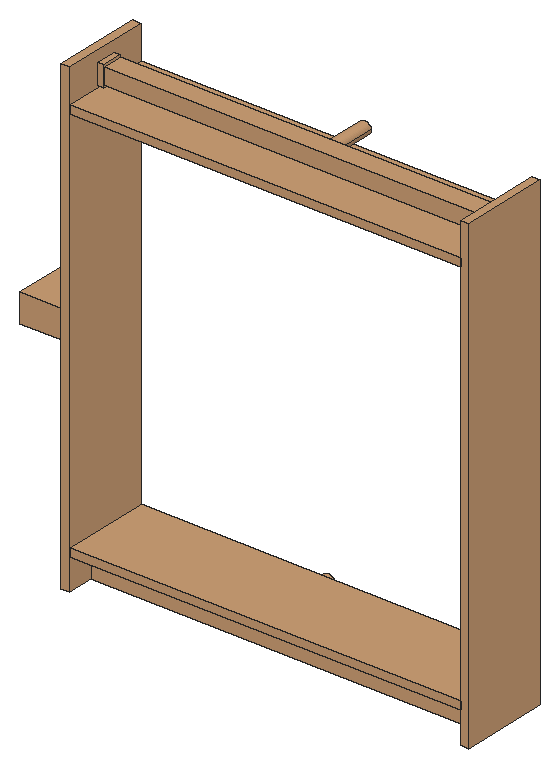
Revit family
Parameters
  Center Of Unit = 0' - 0"  # constant formula
  Water Pressure Drop [instance] = 0.00 psi
  Water Flow [instance] = 0 GPM
  Unit Weight (lbs) = 1238
  URL = "http://www.ljwing.com/"
  Water Outlet Radius = 0' - 1 1/2"
  Water Outlet Odd sizes = 0' - 5 23/64"
  Total Heating Capacity [instance] = 0.0 Btu/h
  Temperature Rise [instance] = 0 °F
  Series = "VIFB"
  Outlet Area = 64.40 SF
  Number of Rows = 1  # constant formula
  Number of Coils [instance] = 0
  Nominal Length = 8' - 4 1/2"
  Model = "VF-9"
  Manufacturer = "LJ Wing"
  Leaving Water Temperature [instance] = 0 °F
  Leaving Air Temperature [instance] = 0 °F
  Face Velocity (FPM) [instance] = 0
  Entering Water Temperature [instance] = 0 °F
  Entering Air Temperature [instance] = 0 °F
  Description = "Vertical Integral Face & Bypass Water Heating Coils"
  Hot Water Odd Sizes = 0' - 5 23/64"
  Hot Water Inlet Offset = 0' - 4 3/8"  # constant formula
  Hot Water Inlet  Radius = 0' - 1 1/2"
  Coil Face Area = Outlet Area * 0.56  # 36.064 SF
  Casing Material = ""
  Assembly Code = "D3020300"
  Air Pressure Drop [instance] = 0.00 in-wg
  Air Inlet Width = Nominal Length - 0' 4"  # 8' - 0 1/2"
  Air Inlet Height = Y  # 8' - 0"
  Air Flow [instance] = 0 CFM
  Z = 0' - 2 1/8"
  Y = 8' - 0"
  S = 0' - 9 3/4"
  Product URL = "http://www.ljwing.com/html/vifb.asp"
  OmniClass = "23-75 70 21 14"
  Nominal Height = 9' - 8"
  Nominal Depth = 1' - 10"
  R = 0' - 10 1/4"
  Q = 0' - 5 1/4"
  P = 0' - 5 1/8"
  L = 0' - 5 15/16"
Reference planes (in)
  plane 1 "Center (Front/Back)": y = 0
  plane 2: z = -48
  plane 3 "Center (Left/Right)": x = 0
  plane 4: z = 58.25
  plane 5: x = -50.25
  plane 6: x = 50.25
  plane 7: z = -57.75
  plane 8: z = 0
  plane 9: y = -11
  plane 10: y = 11
  plane 11: z = 48
  plane 12: z = 50
  plane 13: z = -50
  plane 14: x = 48.25
  plane 15: x = -48.25
  plane 16: z = 53.125
  plane 17: z = -51.8125
  plane 18: x = -45
  plane 19: x = 45
  plane 20: y = 13.125
  plane 21: y = 15.375
  plane 22: x = -61.25
  plane 23: x = 5.35938
  plane 24: x = -5.35937
  plane 25: z = 55.125
  plane 26: z = 51.125
  plane 27: y = -2.5
  plane 28: y = 2.5
  plane 29: y = -4.5
Forms (in)
  Extrusion 1, solid, material "Painted Finish"
    sketch origin (0, 6, -9.75) x (1, 0, 0) y (0, 0, 1)
      loop
        line (-50.25, -48) -> (-48.25, -48) -> (-48.25, 68) -> (-50.25, 68) -> (-50.25, -48)
      loop
        line (50.25, -48) -> (50.25, 68) -> (48.25, 68) -> (48.25, -48) -> (50.25, -48)
    from -5 to 17
  Extrusion 2, solid, material "Painted Finish"
    sketch origin (0, 6, 0) x (1, 0, 0) y (0, 0, 1)
      loop
        line (48.25, -48) -> (-48.25, -48) -> (-48.25, -50) -> (48.25, -50) -> (48.25, -48)
      loop
        line (48.25, 48) -> (48.25, 50) -> (-48.25, 50) -> (-48.25, 48) -> (48.25, 48)
    from -5 to 17
  Extrusion 3, solid, material "Painted Finish"
    sketch origin (0, 10, -0.5) x (1, 0, 0) y (0, 0, 1)
      loop
        line (-50.25, 4) -> (-61.25, 4) -> (-61.25, -3) -> (-50.25, -3) -> (-50.25, 4)
    from 0 to 20
  Extrusion 4, solid, material "Painted Finish"
    sketch origin (0, 6, 0) x (1, 0, 0) y (0, 0, 1)
      loop
        line (-46.625, 55.125) -> (-46.625, 51.125) -> (46.625, 51.125) -> (46.625, 55.125) -> (-46.625, 55.125)
    from 3.5 to 8.5
  Extrusion 5, solid, material "Painted Finish"
    sketch origin (0, 0, 0) x (1, 0, 0) y (0, 0, 1)
      loop
        line (-46.625, 50.625) -> (-46.625, 55.625) -> (-48.25, 55.625) -> (-48.25, 50.625) -> (-46.625, 50.625)
      loop
        line (48.25, 50.625) -> (48.25, 55.625) -> (46.625, 55.625) -> (46.625, 50.625) -> (48.25, 50.625)
    from -2.5 to 2.5
  Extrusion 6, solid, material "Painted Finish"
    sketch origin (0, 23, 0) x (1, 0, 0) y (0, 0, 1)
      loop
        circle (5.35938, 53.125) r 1.5
    from 9.875 to 20.5
  Extrusion 7, solid, material "Painted Finish"
    sketch origin (0, 6, 0) x (1, 0, 0) y (0, 0, 1)
      loop
        line (-48.25, -50) -> (-48.25, -57.75) -> (48.25, -57.75) -> (48.25, -50) -> (-48.25, -50)
    from -5 to 10.5
  Extrusion 8, solid, material "Painted Finish"
    sketch origin (0, 23, 0) x (1, 0, 0) y (0, 0, 1)
      loop
        circle (-5.35937, -51.8125) r 1.5
    from 7.625 to 12
  Extrusion 9, void
    sketch origin (0, 0, 0) x (1, 0, 0) y (0, 0, 1)
      loop
        line (-48.25, 48) -> (-48.25, -48) -> (48.25, -48) -> (48.25, 48) -> (-48.25, 48)
    from -11 to 11
Cuts and joins
  Extrusion 9 cuts Extrusion 1
  Extrusion 9 cuts Extrusion 2
Dimensions and locks (in)
  "Nominal Length": plane 6 to plane 5
  equal spacing: plane 6, plane 3 "Center (Left/Right)", plane 5
  "S": plane 2 to plane 7
  "Nominal Depth": plane 10 to plane 9
  equal spacing: plane 10, plane 1 "Center (Front/Back)", plane 9
  "Y": plane 11 to plane 2
  "R": plane 4 to plane 11
  locked: plane 12 to plane 11 at 2
  locked: plane 2 to plane 13 at 2
  "P": plane 4 to plane 16
  "L": plane 17 to plane 7
  "Q": plane 18 to plane 5
  "Q": plane 6 to plane 19
  "Z": plane 20 to plane 10
  "Hot Water Inlet Offset": plane 21 to plane 10
  locked: plane 5 to plane 22 at 11
  locked: Extrusion 3 sketch curve to Extrusion 3 sketch curve at 7
  locked: Extrusion 3 to Extrusion 3 at 20
  locked: plane 6 to plane 14 at 2
  locked: plane 15 to plane 5 at 2
  "Water Outlet Odd sizes": plane 23 to plane 3 "Center (Left/Right)"
  "Hot Water Odd Sizes": plane 3 "Center (Left/Right)" to plane 24
  equal spacing: plane 25, plane 16, plane 26
  locked: Extrusion 5 sketch curve to plane 25 at 0.5
  locked: plane 26 to Extrusion 5 sketch curve at 0.5
  locked: Extrusion 6 sketch curve to plane 16 at 0
  locked: Extrusion 6 sketch curve to plane 23 at 0
  locked: Extrusion 8 sketch curve to plane 17 at 0
  locked: Extrusion 8 sketch curve to plane 24 at 0
  locked: plane 25 to plane 26 at 4
  locked: plane 28 to plane 27 at 5
  equal spacing: plane 28, plane 1 "Center (Front/Back)", plane 27
  locked: plane 27 to plane 29 at 2
  plane 4 to plane 7 = 9' - 8"
  locked: Extrusion 5 sketch curve to Extrusion 1 at 1.625
  locked: Extrusion 5 sketch curve to Extrusion 5 sketch curve at 1.625
  locked: Extrusion 9 sketch curve to plane 11 at 0
  locked: Extrusion 9 sketch curve to plane 15 at 0
  locked: Extrusion 9 sketch curve to plane 14 at 0
  locked: Extrusion 9 sketch curve to plane 2 at 0
  equal spacing: plane 11, plane 8, plane 2
  "Water Outlet Radius": radius of Extrusion 6 sketch curve
  "Hot Water Inlet  Radius": radius of Extrusion 8 sketch curve
  aligned and locked: Extrusion 1 to plane 9
  aligned and locked: Extrusion 1 to plane 10
  aligned and locked: Extrusion 1 to plane 15
  aligned and locked: Extrusion 1 to plane 14
  aligned and locked: Extrusion 2 to plane 9
  aligned and locked: plane 9 to Extrusion 1
  aligned and locked: plane 10 to Extrusion 1  (x2)
  aligned and locked: Extrusion 2 to plane 10
  aligned and locked: plane 10 to Extrusion 2  (x2)
  aligned and locked: plane 9 to Extrusion 2  (x2)
  aligned and locked: plane 5 to Extrusion 3
  aligned and locked: Extrusion 5 sketch curve to plane 15
  aligned and locked: Extrusion 5 sketch curve to Extrusion 4
  aligned and locked: Extrusion 6 to plane 20
  aligned and locked: Extrusion 1 to Extrusion 7
  aligned and locked: Extrusion 8 to plane 10
  aligned and locked: plane 21 to Extrusion 8
  aligned and locked: plane 27 to Extrusion 5
  aligned and locked: Extrusion 5 to Extrusion 4  (x2)
  aligned and locked: Extrusion 5 to plane 28
  aligned and locked: Extrusion 6 to Extrusion 4
  aligned and locked: Extrusion 7 to plane 29  (x2)
  aligned and locked: Extrusion 8 to Extrusion 7
  aligned and locked: Extrusion 4 to Extrusion 5  (x2)
  aligned and locked: Extrusion 5 to Extrusion 1  (x2)
  aligned and locked: plane 2 to Extrusion 2
  aligned and locked: Extrusion 1 sketch curve to plane 6
  aligned and locked: Extrusion 1 sketch curve to plane 14
  aligned and locked: Extrusion 1 sketch curve to plane 15
  aligned and locked: Extrusion 1 sketch curve to plane 5
  aligned and locked: plane 7 to Extrusion 1 sketch curve  (x2)
  aligned and locked: Extrusion 1 sketch curve to plane 4  (x2)
  aligned and locked: Extrusion 2 sketch curve to plane 11
  aligned and locked: Extrusion 2 sketch curve to plane 12
  aligned and locked: Extrusion 2 sketch curve to plane 14
  aligned and locked: Extrusion 2 sketch curve to plane 15
  aligned and locked: Extrusion 2 sketch curve to plane 13
  aligned and locked: plane 2 to Extrusion 2 sketch curve
  aligned and locked: plane 14 to Extrusion 2 sketch curve
  aligned and locked: plane 15 to Extrusion 2 sketch curve
  aligned and locked: plane 13 to Extrusion 7 sketch curve
  aligned and locked: Extrusion 7 sketch curve to plane 7
  aligned and locked: plane 14 to Extrusion 7 sketch curve
  aligned and locked: Extrusion 7 sketch curve to plane 15
  aligned and locked: cut or joined group of Extrusion 1, Extrusion 9 to plane 10
  aligned and locked: Extrusion 8 to plane 21
Automatic sketch dimensions
  Extrusion 3 sketch curve to plane 22 = 0' - 0"
  Extrusion 3 sketch curve to plane 5 = 0' - 0"
  plane 8 to Extrusion 3 sketch curve = 0' - 3 1/2"
  Extrusion 4 sketch curve to plane 25 = 0' - 0"
  Extrusion 4 sketch curve to plane 26 = 0' - 0"
  Extrusion 4 sketch curve to plane 18 = 0' - 1 5/8"
  plane 19 to Extrusion 4 sketch curve = 0' - 1 5/8"
  plane 26 to Extrusion 5 sketch curve = 0' - 0 1/2"
  Extrusion 5 sketch curve to plane 25 = 0' - 0 1/2"
Connectors (in)
  hvac at (0, -11, 0), driven by "Air Inlet Height", driven by "Air Inlet Width", driven by "Air Flow", driven by "Air Pressure Drop"
    settings: on Extrusion 9, index 1
  hvac at (0, 11, 0), driven by "Air Pressure Drop", driven by "Air Inlet Height", driven by "Air Inlet Width", driven by "Air Flow"
    settings: on Extrusion 9, index 2
  piping at (5.35938, 13.125, 53.125), driven by "Water Flow", driven by "Water Outlet Radius", driven by "Water Pressure Drop"
    settings: on Extrusion 6, index 3
  piping at (-5.35937, 15.375, -51.8125), driven by "Water Flow", driven by "Water Pressure Drop", driven by "Hot Water Inlet  Radius"
    settings: on Extrusion 8, index 4
